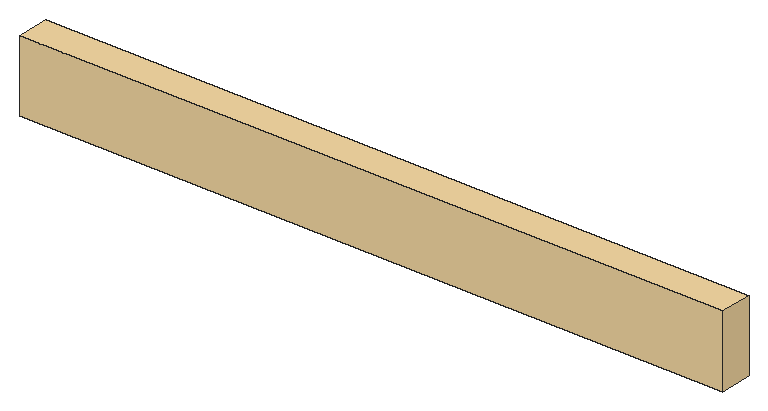
Revit family "横板_长88cm", category 家具, Revit 2019
Family settings
  OmniClass 编号 = 23.40.20.00
  OmniClass 标题 = General Furniture and Specialties
  基于工作平面 = 否
  总是垂直 = 是
  加载时剪切的空心 = 否
  共享 = 否
  房间计算点 = 否
Parameters (values of type "白橡木")
  高度 = 90 mm
  长度 = 880 mm
  说明 = "承重6kg"
  材质 = 橡木_白色_树脂涂装
  成本 = 280
  宽度 = 40 mm
  型号 = "37287396"
  制造商 = "MUJI"
Types (3, lengths in mm): name | 材质 | 成本 | 型号
  (no name) | 橡木_白色_树脂涂装 | 280 | "37287396"
  白橡木 | 橡木_白色_树脂涂装 | 280 | "37287396"
  黑胡桃木 | 胡桃木_黑色_树脂涂装 | 340 | "37287488"
Reference planes
  plane 1 "中心(前/后)": y = 0
  plane 2: z = 0
  plane 3 "中心(左/右)": x = 0
  plane 4: x = 880
  plane 5: y = -40
  plane 6: z = -90
Forms (mm)
  Extrusion 1, solid, material "橡木_白色_树脂涂装" <- "材质"
    sketch origin (0, 0, 0) x (0, 1, 0) y (0, 0, 1)
      loop
        line (-40, 0) -> (-40, -90) -> (0, -90) -> (0, 0) -> (-40, 0)
    from 0 to 880
Dimensions and locks
  "长度": plane 4 to plane 3 "中心(左/右)"
  "宽度": plane 5 to plane 1 "中心(前/后)"
  "高度": plane 2 to plane 6
  aligned and locked: level to plane 2
  aligned and locked: plane 1 "中心(前/后)" to Extrusion 1 sketch curve
  aligned and locked: Extrusion 1 sketch curve to plane 2
  aligned and locked: plane 5 to Extrusion 1 sketch curve
  aligned and locked: plane 6 to Extrusion 1 sketch curve
  aligned and locked: plane 4 to Extrusion 1
  aligned and locked: Extrusion 1 to plane 3 "中心(左/右)"
